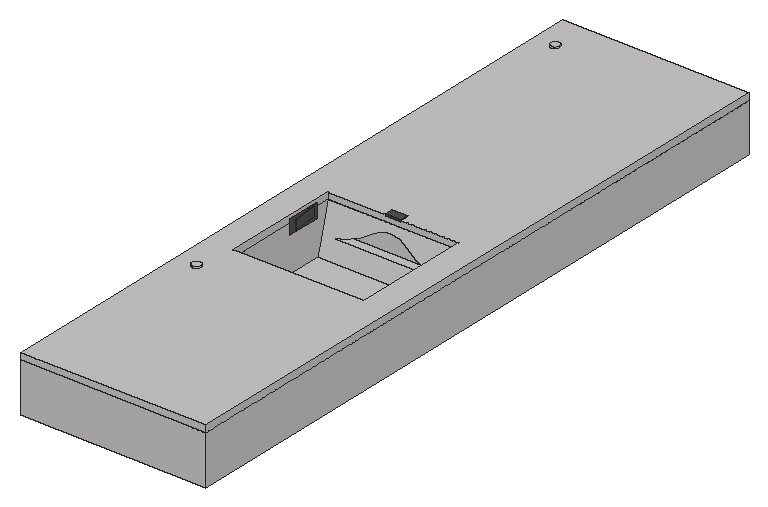
Revit family "Combo_Paper_Towel_Dryer_Waste-Bobrick-TrimLineSeries_B-380309  230V (1)", category Specialty Equipment, host Face, Revit 2018
Family settings
  Host = Face
  Round Connector Dimension = Use Diameter
  Part Type = Normal
  OmniClass Number = 23.40.20.21.17
  OmniClass Title = Paper Towel Dispensers, Disposal Units
  Cut with Voids When Loaded = No
  Shared = Yes
  Room Calculation Point = No
Parameters (values of type "B-380309 208V")
  Width = 396.875 mm
  Wattage = 750 W
  Warranty Information = "1-Year Limited Warranty"
  Voltage = 208 V
  URL = "http://www.bobrick.com/"
  Type Comments = ""
  Specification = "Recessed Paper Towel Dispenser, Automatic Hand Dryer, And Waste Bin (3-in-1 unit) shall be type-304 stainless steel with all-welded construction; exposed surfaces shall have satin finish. Doors shall be 1.2mm (18-gauge); have 14mm (9/16\") 90° return edges; be secured to cabinet with concealed, full-length stainless steel piano-hinges; and equipped with a stainless steel cable door-swing limiter and two flush tumbler locks per door keyed like other Bobrick washroom accessories. Paper towel dispenser shall be capable of dispensing 600 multifold or 450 C-fold paper towels. Unit equipped with TowelMate consisting of a 90° return towel guide angle inside cabinet to prevent paper towels from falling forward out when door is opened for servicing and a Nylon Rod across the center of the towel tray to dispense paper towels one at a time. Waste bin shall be furnished with a removable, leak-proof, rigid molded plastic waste-container with a capacity of 13.7 liters (3.6 gal.). Directed air nozzles shall prevent dryer from blowing into waste bin. Hand dryer shall have a one-piece,18-8, type-304, 0.8mm (22-gauge) stainless steel cover. Dryer mounting base shall be 1.5mm (20-gauge) plated steel with three 6mm (0.236\") diameter mounting holes. Fan housings shall be fire-retardant molded black plastic. Dryer shall be equipped with dual air outlets that run through two vertical ducts and out the black plastic nozzles under the towel dispenser. Motor shall be 1/7 hp, universal type on resilient mounting with sealed ball bearing at drive-shaft end and self-lubricating sleeve bearing at nondrive end; equipped with automatic thermal-overload switch. Heating elements shall be located on outlet side of fan, shall heat air without hot spots, be inaccessible to vandals, and protected by an automatic thermal-overload switch. The dryer will be controlled by the activation sensor which is part of the electronic control. The electronic control will never allow the dryer motor to be hotter than 70°C. There are two modes of operation, dryer promotion and paper promotion. Dryer promotion mode, the dryer shall turn on when hands are held under air-outlet opening and across path of sensor. Paper promotion mode, there will be a three (3) second delay between seeing the hands and when the dryer turns on. Dryer shall turn off automatically when hands are removed. Sensor shall automatically shut dryer off approximately 1-1/2 minutes after dryer turns on if an inanimate object is placed in activation zone. After inanimate object is removed, electronic sensor shall automatically reset itself and dryer shall operate normally. The electronic control will have an LED that will flash green when the dryer is ready, be solid green when the dryer is running and be solid red when the dryer is not ready. Unit shall VDE approved, CE marked and cUListed. Unit shall comply with EU Directive \"Restriction of Hazardous Substance\" (ROHS) requirements for non-use of certain hazardous substances in the production of electronic products. Unit shall be protected by a limited 1-year warranty from date of purchase on all parts except motor brushes. Recessed Paper Towel Dispenser, Automatic Hand Dryer, and Waste Bin (3-in-1 unit) shall be Model B-38030 of Bobrick Washroom Equipment, Inc., Clifton Park, New York; Jackson, Tennessee; Los Angeles, California; Bobrick Washroom\r\nEquipment Company, Scarborough, Ontario; Bobrick Washroom Equipment Pty. Ltd., Australia; and Bobrick Washroom Equipment Limited, United Kingdom."
  Product Page URL = "http://www.bobrick.com/washroomaccessories/Pages/ProductDetails.aspx?Product+Number=B-38030+230V"
  Product Documentation Link = "http://www.bobrick.com/Documents/B-38030_td.pdf"
  Price = "Prices may vary. Please consult Manufacturer Representative for most up-to-date price list."  # constant formula
  Phase = 1
  Model = "B-380309 208V"
  Material = "Stainless Steel-Bobrick-Type 304-Satin"
  Manufacturer = "Bobrick Washroom Equipment, Inc."
  Length = 114.3 mm
  Keynote = "102813"
  Installation Type = "Surface Mounted"
  Height = 1449.388 mm
  Frequency = 60 Hz
  Description = "TrimLineSeries™ Surface Mounted Paper Towel Dispenser, Automatic Hand Dryer, and Waste Bin (3-IN-1 UNIT)"
  Default Elevation = 1117.6 mm
  Creation Date = "9/9/2016"  # constant formula
  Connector Description = "208V Electrical Connection"
  Assembly Code = "E1090900"
  Amperage = 3.6 A
  Accent Finish [instance] = Paint-Bobrick-Black
  ADA Compliant = yes
Types (3, lengths in mm): name | Wattage | Voltage | Model | Connector Description | Amperage
  (no name) | 750 W | 208 V | "B-380309 208V" | "208V Electrical Connection" | 3.6 A
  B-380309 240V | 950 W | 240 V | "B-380309 240V" | "240V Electrical Connection" | 4 A
  B-380309 208V | 750 W | 208 V | "B-380309 208V" | "208V Electrical Connection" | 3.6 A
Reference planes
  plane 1 "Center (Front/Back)": y = 0
  plane 2: z = 0
  plane 3 "Center (Left/Right)": x = 0
  plane 4: y = -727.075
  plane 5: y = 722.312
  plane 6: x = -198.437
  plane 7: x = 198.438
  plane 8: z = 14.288
  plane 9: z = -100.012
Forms (mm)
  Extrusion 1, solid, material "Stainless Steel-Bobrick-Type 304-Satin"
    sketch origin (0, 163.603, 0) x (1, 0, 0) y (0, 1, 0)
      loop
        line (-198.437, 558.709) -> (-198.437, -890.678) -> (198.438, -890.678) -> (198.438, 558.709) -> (-198.437, 558.709)
    from 0 to -105
  Extrusion 2, solid, material "Stainless Steel-Bobrick-Type 304-Satin"
    sketch origin (0, 163.603, 0) x (1, 0, 0) y (0, 1, 0)
      loop
        line (-198.437, 558.709) -> (-198.437, -79.863) -> (198.438, -79.863) -> (198.438, 558.709) -> (-198.437, 558.709)
      loop
        line (-198.437, -890.678) -> (198.438, -890.678) -> (198.438, -396.381) -> (-198.437, -396.381) -> (-198.437, -890.678)
    from 0 to 14.288
  Extrusion 3, void
    sketch origin (0, 163.603, 0) x (0, 1, 0) y (0, 0, 1)
      loop
        line (-396.381, 14.287) -> (-396.381, 0) -> (-440.831, 0) -> (-440.831, -98.472) -> (-169.989, -98.472) -> (-137.013, 14.287) -> (-396.381, 14.287)
    from 139.7 to -139.7
  Extrusion 4, void
    sketch origin (0, 26.591, 1219.2) x (-1, 0, 0) y (0, 0, 1)
      loop
        arc (124.971, -1279.062) -> (77.598, -1268.24) -> (35.002, -1244.855) r 175.681
        spline (35.002, -1244.855) -> (30.718, -1241.857) -> (25.958, -1239.319) -> (20.806, -1237.285) -> (15.351, -1235.791) -> (9.687, -1234.861) -> (3.913, -1234.513) -> (-1.87, -1234.753) -> (-7.561, -1235.576) -> (-13.063, -1236.968) -> (-18.278, -1238.904) -> (-23.116, -1241.352) -> (-27.494, -1244.269)
        arc (-27.494, -1244.269) -> (-73.874, -1268.274) -> (-124.971, -1279.062) r 194.351
        line (-124.971, -1279.062) -> (124.971, -1279.062)
    from -34.287 to 0
  Extrusion 5, solid, material "Stainless Steel-Bobrick-Type 304-Satin"
    sketch origin (0, 163.603, 0) x (1, 0, 0) y (0, 1, 0)
      loop
        circle (-154.438, 483.644) r 9.525
      loop
        circle (-154.438, -475.206) r 9.525
    from 14.288 to 15.875
  Extrusion 6, solid, material "Paint-Bobrick-Black" <- "Accent Finish"
    sketch origin (-198.437, 649.588, 1215.231) x (0, 1, 0) y (0, 0, 1)
      loop
        line (-731.05, -1206.5) -> (-731.05, -1238.25) -> (-661.2, -1238.25) -> (-661.2, -1206.5) -> (-731.05, -1206.5)
    from 58.738 to 60.503
  Extrusion 7, solid, material "Paint-Bobrick-Black" <- "Accent Finish"
    sketch origin (198.438, 649.588, 1215.231) x (0, 1, 0) y (0, 0, 1)
      loop
        line (-731.05, -1206.5) -> (-731.05, -1238.25) -> (-661.2, -1238.25) -> (-661.2, -1206.5) -> (-731.05, -1206.5)
    from -58.737 to -60.523
  Extrusion 8, solid, material "Stainless Steel-Bobrick-Type 304-Satin"
    sketch origin (0, 163.603, 0) x (1, 0, 0) y (0, 1, 0)
      loop
        line (-198.437, -79.863) -> (-198.437, -141.191) -> (198.438, -141.191) -> (198.438, -79.863) -> (-198.437, -79.863)
    from 0 to 14.288
  Extrusion 9, solid, material "Stainless Steel-Bobrick-Type 304-Satin"
    sketch origin (0, 163.603, 0) x (1, 0, 0) y (0, 1, 0)
      loop
        line (-198.437, -396.381) -> (-139.7, -396.381) -> (-139.7, -141.191) -> (-198.437, -141.191) -> (-198.437, -396.381)
      loop
        line (198.438, -396.381) -> (198.438, -141.191) -> (139.7, -141.191) -> (139.7, -396.381) -> (198.438, -396.381)
    from 0 to 14.288
  Extrusion 10, solid, material "Paint-Bobrick-Black" <- "Accent Finish"
    sketch origin (0, 163.603, 0) x (1, 0, 0) y (0, 1, 0)
      loop
        line (-16.305, -124.819) -> (-16.305, -142.778) -> (16.305, -142.778) -> (16.305, -124.819) -> (-16.305, -124.819)
    from 11.59 to 14.789
  Extrusion 11, solid, material "Paint-Bobrick-Black" <- "Accent Finish"
    sketch origin (-198.437, 649.588, 1219.2) x (0, 1, 0) y (0, 0, 1)
      loop
        line (-673.9, -1212.85) -> (-718.35, -1217.522) -> (-718.35, -1236.572) -> (-673.9, -1231.9) -> (-673.9, -1212.85)
    from 60.503 to 64.474
  Extrusion 12, solid, material "Paint-Bobrick-Black" <- "Accent Finish"
    sketch origin (198.438, 649.588, 1219.2) x (0, 1, 0) y (0, 0, 1)
      loop
        line (-673.9, -1212.85) -> (-718.35, -1217.522) -> (-718.35, -1236.572) -> (-673.9, -1231.9) -> (-673.9, -1212.85)
    from -60.523 to -64.492
Cuts and joins
  Extrusion 3, Extrusion 4 cuts Extrusion 1
  joined: Extrusion 2, Extrusion 8, Extrusion 9
Lines and regions (mm)
  Masking region 1
    outline origin (0, 0, 0) x (1, 0, 0) y (0, 0, 1)
      loop
        line (198.438, 14.287) -> (-198.437, 14.287) -> (-198.437, 0) -> (198.438, 0) -> (198.438, 14.287)
Dimensions and locks
  "Width": plane 6 to plane 7
  "Height": plane 4 to plane 5
  plane 4 to plane 1 "Center (Front/Back)" = 727.075 mm
  "Length": plane 8 to plane 9
  plane 8 to level to plane 9 = 14.288 mm, 100.013 mm
  aligned and locked: plane 2 to host face
  aligned and locked: level to host face
Automatic sketch dimensions
  host sketch curve to host sketch curve = 2438.4 mm  (x2)
  Extrusion 1 sketch curve to plane 6 = 0 mm
  Extrusion 1 sketch curve to plane 7 = 0 mm
  Extrusion 1 sketch curve to plane 4 = 0 mm
  plane 5 to Extrusion 1 sketch curve = 0 mm
  plane 5 to Extrusion 2 sketch curve = 0 mm
  Extrusion 2 sketch curve to plane 6 = 0 mm  (x2)
  plane 4 to Extrusion 2 sketch curve = 0 mm
  Extrusion 2 sketch curve to plane 7 = 0 mm  (x2)
  plane 1 "Center (Front/Back)" to Extrusion 2 sketch curve = 232.777 mm
  Extrusion 2 sketch curve to plane 1 "Center (Front/Back)" = 83.741 mm
  Extrusion 3 sketch curve to level = 0 mm
  plane 1 "Center (Front/Back)" to Extrusion 3 sketch curve = 277.227 mm
  Extrusion 3 sketch curve to Extrusion 3 sketch curve = 44.45 mm
  plane 1 "Center (Front/Back)" to Extrusion 3 sketch curve = 6.386 mm
  Extrusion 3 sketch curve to plane 1 "Center (Front/Back)" = 26.591 mm
  Extrusion 3 sketch curve to level = 98.472 mm
  level to Extrusion 3 sketch curve = 14.287 mm
  Extrusion 4 sketch curve to plane 7 = 59.229 mm
  Extrusion 4 sketch curve to plane 7 = 73.467 mm
  Extrusion 4 sketch curve to plane 6 = 73.467 mm
  Extrusion 4 sketch curve to plane 6 = 58.404 mm
  Extrusion 4 sketch curve to level = 59.862 mm
  level to Extrusion 4 sketch curve = 115.172 mm
  level to Extrusion 4 sketch curve = 133.967 mm
  Extrusion 4 sketch curve to level = 25.069 mm
  Extrusion 4 sketch curve to plane 3 "Center (Left/Right)" = 3.378 mm
  Extrusion 4 sketch curve to level = 25.655 mm
  Extrusion 4 sketch curve to Extrusion 4 sketch curve = 12.284 mm
  Extrusion 5 sketch curve to plane 6 = 43.999 mm  (x2)
  plane 1 "Center (Front/Back)" to Extrusion 5 sketch curve = 311.603 mm
  plane 5 to Extrusion 5 sketch curve = 75.066 mm
  Extrusion 6 sketch curve to level = 23.019 mm
  plane 1 "Center (Front/Back)" to Extrusion 6 sketch curve = 81.462 mm
  plane 1 "Center (Front/Back)" to Extrusion 6 sketch curve = 11.612 mm
  level to Extrusion 6 sketch curve = 8.731 mm
  Extrusion 7 sketch curve to level = 23.019 mm
  plane 1 "Center (Front/Back)" to Extrusion 7 sketch curve = 81.462 mm
  plane 1 "Center (Front/Back)" to Extrusion 7 sketch curve = 11.612 mm
  level to Extrusion 7 sketch curve = 8.731 mm
  Extrusion 8 sketch curve to plane 6 = 0 mm
  Extrusion 8 sketch curve to plane 7 = 0 mm
  Extrusion 8 sketch curve to plane 1 "Center (Front/Back)" = 22.412 mm
  Extrusion 8 sketch curve to Extrusion 8 sketch curve = 61.328 mm
  Extrusion 9 sketch curve to plane 6 = 0 mm
  Extrusion 9 sketch curve to plane 7 = 0 mm
  Extrusion 9 sketch curve to plane 1 "Center (Front/Back)" = 22.412 mm  (x2)
  Extrusion 9 sketch curve to Extrusion 9 sketch curve = 58.737 mm  (x2)
  plane 1 "Center (Front/Back)" to Extrusion 9 sketch curve = 232.777 mm  (x2)
  Extrusion 10 sketch curve to plane 3 "Center (Left/Right)" = 16.305 mm
  plane 3 "Center (Left/Right)" to Extrusion 10 sketch curve = 16.305 mm
  Extrusion 10 sketch curve to plane 1 "Center (Front/Back)" = 20.825 mm
  Extrusion 10 sketch curve to Extrusion 10 sketch curve = 17.96 mm
  level to Extrusion 11 sketch curve = 1.678 mm
  plane 1 "Center (Front/Back)" to Extrusion 11 sketch curve = 68.762 mm
  plane 1 "Center (Front/Back)" to Extrusion 11 sketch curve = 24.312 mm
  Extrusion 11 sketch curve to level = 12.7 mm
  Extrusion 11 sketch curve to level = 17.372 mm
  level to Extrusion 11 sketch curve = 6.35 mm
  level to Extrusion 12 sketch curve = 1.678 mm
  plane 1 "Center (Front/Back)" to Extrusion 12 sketch curve = 68.762 mm
  plane 1 "Center (Front/Back)" to Extrusion 12 sketch curve = 24.312 mm
  Extrusion 12 sketch curve to level = 12.7 mm
  Extrusion 12 sketch curve to level = 17.372 mm
  level to Extrusion 12 sketch curve = 6.35 mm
  plane 6 to Masking region 1 sketch curve = 0 mm
  Masking region 1 sketch curve to level = 0 mm
  Masking region 1 sketch curve to plane 7 = 0 mm
  Masking region 1 sketch curve to plane 8 = 0 mm
  radius of Extrusion 5 sketch curve = 9.525 mm  (x2)
Connectors
  electrical at (0, -2.381, -105), driven by "Voltage", driven by "Wattage", driven by "Phase", driven by "Connector Description"
    settings: on cut or joined group of Extrusion 1, Extrusion 3, Extrusion 4, index 1, voltage 208 V, apparent load 0 VA, apparent load phase1 750 VA, apparent load phase2 0 VA, apparent load phase3 0 VA, power factor 1, load classification "Other", number of poles 1, system type 30, power factor state 1, is connector primary yes, connector utility no, sub classification motor no, connector description "208V Electrical Connection"
